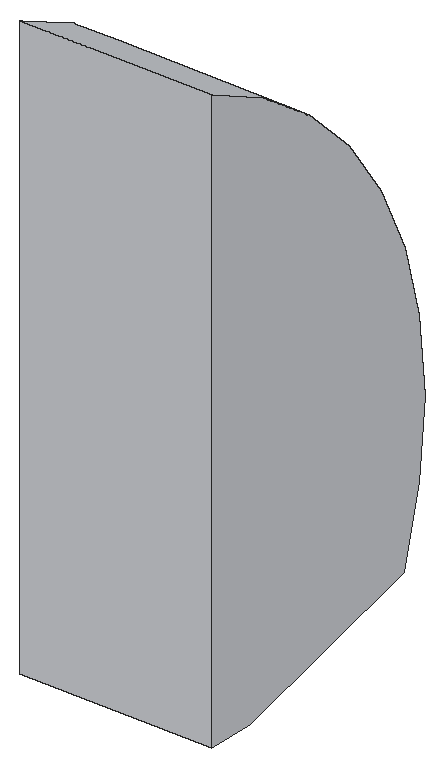
Revit family "DAN DRYER Stainless Design Mini Design 298", category Furniture Systems, host Wall, Revit 2017
Family settings
  Host = Wall
  Round Connector Dimension = Use Diameter
  Part Type = Normal
  Always vertical = Yes
  Cut with Voids When Loaded = No
  Shared = No
  Room Calculation Point = No
Parameters (values of type "Stål")
  Wicth = 120 mm
  URL = "http://www.dandryer.com/Files/Billeder/PDF/Datablade/Nye/Technical%20data%20sheet%20298.pdf"
  Type Image = <None>
  Offset from Floor = 1500 mm
  Model = "Stainless design"
  Manufacturer = "http://www.dandryer.com/"
  Height = 367 mm
  Description = "STAINLESS DESIGN Manual foam soap dispenser Art. no. 298"
  Cost = 0
Reference planes
  plane 1 "Wall": y = 0
  plane 2 "Center (Left/Right)": x = 125
  plane 3 "Back": y = 75
  plane 4 "Top": z = 1500
  plane 5 "Bund": z = 1133
  plane 6: x = 185
  plane 7: x = 65
  plane 8 "Manual": through (-8600, 181.187, 1185.25) normal (0, -0.8572, -0.515)
Forms (mm)
  Extrusion 1, solid
    sketch origin (125, 0, 0) x (0, 1, 0) y (0, 0, 1)
      loop
        line (75, 1133) -> (105, 1133) -> (225.741, 1165.352)
        arc (225.741, 1165.352) -> (240.929, 1234.291) -> (237.943, 1304.82) r 273.151
        arc (237.943, 1304.82) -> (182.627, 1424.246) -> (75, 1500) r 254.198
        line (75, 1500) -> (75, 1133)
    from -60 to 60
  Extrusion 2, void
    sketch origin (125, 125.577, 1138.513) x (0, -0.965926, -0.258819) y (1, 0, 0)
      loop
        line (-84.103, 0) -> (-84.103, -45) -> (-44.103, -45) -> (-44.103, -30) -> (-54.103, -30) -> (-54.103, -20) -> (-44.103, -20) -> (-44.103, 0) -> (-44.103, 20) -> (-54.103, 20) -> (-54.103, 30) -> (-44.103, 30) -> (-44.103, 45) -> (-84.103, 45) -> (-84.103, 0)
    from 0 to 5
  Sweep 3, solid
    path origin (-8600, 181.187, 1185.25) x (0, -0.515038, 0.857167) y (-1, 0, 0)
      loop
        line (-18.355, -8749.699) -> (-43.355, -8749.699)
        arc (-43.355, -8749.699) -> (-46.891, -8748.234) -> (-48.355, -8744.699) r 5
        line (-48.355, -8744.699) -> (-48.355, -8704.699)
        arc (-48.355, -8704.699) -> (-46.891, -8701.163) -> (-43.355, -8699.699) r 5
        line (-43.355, -8699.699) -> (-18.355, -8699.699)
    profile origin (149.699, 197.078, 1158.802) x (1, 0, 0) y (0, -0.857167, -0.515038)
      loop
        circle (0, 0) r 2
Cuts and joins
  Extrusion 2 cuts Extrusion 1
Text (mm)
  text "Placement Side" at (-1848.837, 1116.779, 0), in view "Ref. Level"
  text "Placement side" at (0, 1409.804, 2854.306), in view "Left"
  text "Placement side" at (0, 499.811, 2980.732), in view "Right"
Dimensions and locks
  locked: plane 3 "Back" to host wall
  "Height": plane 5 "Bund" to plane 4 "Top"
  equal spacing: plane 7, plane 2 "Center (Left/Right)", plane 6
  "Wicth": plane 7 to plane 6
  "Offset from Floor": level to plane 4 "Top"
  aligned and locked: plane 1 "Wall" to host wall
  aligned and locked: Extrusion 1 sketch curve to host wall
  aligned and locked: plane 7 to Extrusion 1
  aligned and locked: Extrusion 1 to plane 6
Automatic sketch dimensions
  Extrusion 1 sketch curve to plane 5 "Bund" = 0 mm
  Extrusion 1 sketch curve to plane 4 "Top" = 0 mm
  host wall to Extrusion 1 sketch curve = 12.51 mm
  Extrusion 1 sketch curve to Extrusion 1 sketch curve = 18.673 mm
  Extrusion 1 sketch curve to Extrusion 1 sketch curve = 30 mm
  plane 5 "Bund" to Extrusion 1 sketch curve = 32.352 mm
  Extrusion 1 sketch curve to Extrusion 1 sketch curve = 120.741 mm
  Extrusion 1 sketch curve to Extrusion 1 sketch curve = 3.242 mm
  Extrusion 1 sketch curve to Extrusion 1 sketch curve = 0 mm
  Extrusion 1 to Extrusion 2 sketch curve = 19.594 mm
  Extrusion 2 sketch curve to Extrusion 2 sketch curve = 30 mm  (x2)
  Extrusion 2 sketch curve to Extrusion 2 sketch curve = 10 mm  (x5)
  Extrusion 2 sketch curve to Extrusion 1 = 15 mm  (x2)
  Extrusion 2 sketch curve to Extrusion 2 sketch curve = 15 mm
  Extrusion 2 sketch curve to Extrusion 2 sketch curve = 20 mm  (x3)
  Sweep 3 sketch curve to plane 8 "Manual" = 0 mm
  Sweep 3 sketch curve to profile plane = 0 mm
  plane 2 "Center (Left/Right)" to Sweep 3 sketch curve = 19.699 mm
  Sweep 3 sketch curve to Sweep 3 sketch curve = 5 mm  (x2)
  Sweep 3 sketch curve to plane 2 "Center (Left/Right)" = 20.301 mm
  Sweep 3 sketch curve to Sweep 3 sketch curve = 25 mm  (x2)
  radius of Sweep 3 sketch curve = 2 mm
